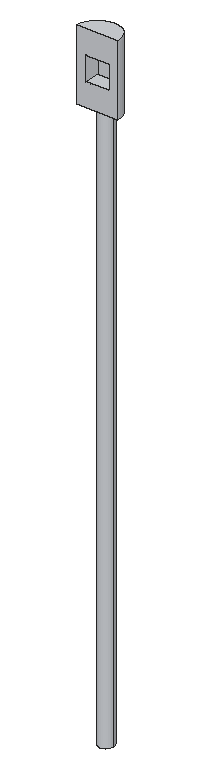
Revit family "Hampton", category Lighting Fixtures, Revit 2015
Parameters (values of type "Hampton/1W/350mA/927/Olive Green")
  Weight = 480  # constant formula
  built-in parameter 1150103 = 1 W
  Wattage = 1 W  # constant formula
  WarrantyStartDate [instance] = "www.johncullenlighting.co.uk/terms_and_conditions/"  # constant formula
  WarrantyGuarantorParts = "www.johncullenlighting.co.uk/terms_and_conditions/"  # constant formula
  WarrantyGuarantorLabor = "www.johncullenlighting.co.uk/terms_and_conditions/"  # constant formula
  WarrantyDurationUnit = "www.johncullenlighting.co.uk/terms_and_conditions/"  # constant formula
  WarrantyDurationParts = "www.johncullenlighting.co.uk/terms_and_conditions/"  # constant formula
  WarrantyDurationLabor = "www.johncullenlighting.co.uk/terms_and_conditions/"  # constant formula
  WarrantyDescription = "Refer to John Cullen Lighting Ltd - Terms and Conditions document"  # constant formula
  built-in parameter 1150110 = 1 (stored number, unit not read)
  Version = "1"
  Uniclass2 = "Pr_70_70_48_35 Ground mounted luminaires"  # constant formula
  URL = "http://www.johncullenlighting.co.uk/products/featured-lighting-products/hampton-led-floodlight/?product_search=hampton"
  Type Comments = "Copyright © John Cullen 2017. John Cullen reserve the right to change the design and specification of our product range without prior notice. E&OE"  # constant formula
  built-in parameter 1114217 = 1 (stored number, unit not read)
  Tilt Angle = 0.00°
  built-in parameter 1150109 = 1 (stored number, unit not read)
  built-in parameter 1150134 = (empty or 0)
  TagNumber [instance] = "n/a"
  SustainabilityPerformance = "n/a"
  built-in parameter 1150113 = 1 (stored number, unit not read)
  SupplyCircuitConductorConnections = "n/a"
  Size = "62x20x500"  # constant formula
  Shape = "n/a"
  SerialNumber [instance] = "n/a"
  Revision = "n/a"
  ReplacementCost = "n/a"
  ProductInformation = "http://www.johncullenlighting.co.uk/products/featured-lighting-products/hampton-led-floodlight/?product_search=hampton"
  PhotometricPerformance = "n/a"
  Photometric Web File = "Hampton-350.IES"
  NominalWidth = 20 mm  # constant formula
  NominalLength = 62 mm  # constant formula
  NominalHeight = 500 mm  # constant formula
  Name = "Hampton"  # constant formula
  NBSTypeID = "n/a"
  NBSReference = "n/a"
  NBSOfficeMasterTag = "n/a"
  NBSNote = "n/a"
  NBSDescription = "General purpose luminaires are described by characteristics such as standards, photometric performance and supply circuit conductor connections.\r\nAn example use may be within a hard wired general lighting system."  # constant formula
  NBSCertification = "n/a"
  ModelReference = "n/a"
  ModelNumber = "GLHA27251"
  Model = "Hampton"  # constant formula
  MaxAmbientTemperature = 50.00°
  Material = "Aluminium"
  ManufacturerURL = "www.johncullenlighting.co.uk"
  ManufacturerName = "John Cullen Lighting Ltd"  # constant formula
  Manufacturer = "John Cullen Lighting Ltd"  # constant formula
  built-in parameter 1150105 = 4.6155 (stored number, unit not read)
  Lumens = 58 lm
  LuminaireType = "n/a"
  LuminairePowerFactor = "n/a"
  LuminaireLumens = "58 lm"  # constant formula
  built-in parameter 1150115 = 1 (stored number, unit not read)
  built-in parameter 1150137 = (empty or 0)
  built-in parameter 1150139 = (empty or 0)
  LampType = "LED"  # constant formula
  LampRating = "n/a"
  LampLumens = "84 lm"  # constant formula
  LampColourTemperature = "2700K"  # constant formula
  LampColourRendering = "≥90 Ra"  # constant formula
  built-in parameter 1150112 = 1 (stored number, unit not read)
  built-in parameter 1150114 = 1 (stored number, unit not read)
  Keynote = "Technical data figures are for guidance only and are subject to ±5% tolerance"  # constant formula
  InternalFuse = "n/a"
  InsulationStandardClass = "Class III"  # constant formula
  InstallationDate [instance] = "Confirm via installer"  # constant formula
  built-in parameter 1150132 = (empty or 0)
  built-in parameter 1150102 = (empty or 0)
  built-in parameter 1150107 = 2700 (stored number, unit not read)
  built-in parameter 1150138 = (empty or 0)
  IngressProtection = "IP67"  # constant formula
  built-in parameter 1150106 = 0.046155 (stored number, unit not read)
  IfcExportType = ""
  IfcExportAs = ""
  Grade = "n/a"
  ForwardVoltage = "2.8V DC"  # constant formula
  Finish = "Olive Green"
  Features = "n/a"
  ExpectedLife = "Lifetime L70/B10 >50,000 hrs"  # constant formula
  built-in parameter 1150104 = 5.3884 (stored number, unit not read)
  Efficacy = "58 lm/W"  # constant formula
  DurationUnit = "year"
  Dimming Lamp Color Temperature Shift = <None>
  Description = "Miniature directional floodlight with ground spike"  # constant formula
  CurrentRating = "350mA"  # constant formula
  Constituents = "n/a"
  Color Filter = 16777215
  Color = "Olive Green"
  CodePerformance = "GLHA27251"
  Category = "n/a"
  CableType = "2 Core Silicon"  # constant formula
  CableSize = "6mm OD - 2 off 24/0.2 Tinned Copper Wire"  # constant formula
  CableLength = 5000 mm  # constant formula
  Beam Width = "Extra Wide"  # constant formula
  BarCode [instance] = "n/a"
  BallastCELMAEnergyEfficiencyIndex = "See driver specification"  # constant formula
  built-in parameter 1114218 = 1 (stored number, unit not read)
  BIMObjectName = "Hampton"  # constant formula
  Author = "John Cullen Lighting Ltd"  # constant formula
  built-in parameter 1150133 = 10 (stored number, unit not read)
  AssetType = "n/a"
  AssetIdentifier [instance] = "n/a"
  Assembly Code = "n/a"
  AccessibilityPerformance = "n/a"
Reference planes
  plane 1 "Center (Front/Back)": y = 0
  plane 2: z = 0
  plane 3 "Center (Left/Right)": x = 0
Forms (mm)
  Extrusion 1, solid
    sketch origin (0, 0, 500) x (0, 1, 0) y (-1, 0, 0)
      loop
        line (0, 18) -> (0, -18)
        arc (0, -18) -> (18, 0) -> (0, 18) r 18
    from 0 to 62
  Extrusion 2, void
    sketch origin (0, 0, 0) x (1, 0, 0) y (0, 0, 1)
      loop
        line (-10.5, 541.5) -> (-10.5, 520.5) -> (10.5, 520.5) -> (10.5, 541.5) -> (-10.5, 541.5)
    from 0 to -13
  Extrusion 3, solid
    sketch origin (0, 0, 0) x (1, 0, 0) y (0, 1, 0)
      loop
        circle (0, 9.5) r 6.4
    from 0 to 500
Cuts and joins
  Extrusion 2 cuts Extrusion 1
Dimensions and locks
  aligned and locked: level to plane 2
